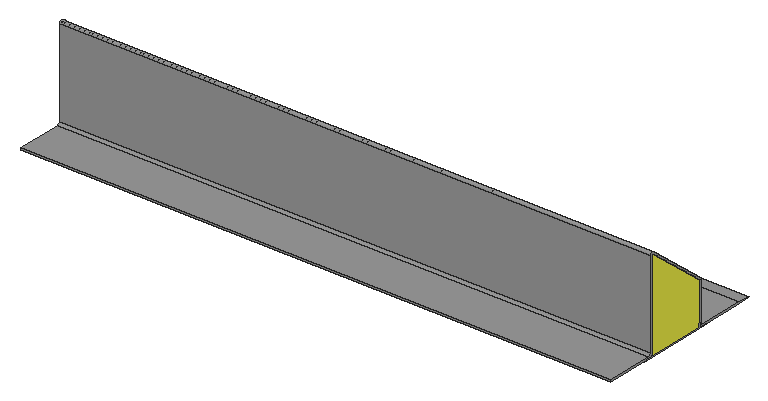
Revit family "XHD K 130 WOL", category Generic Models, Revit 2014
Parameters (values of type "Max lintel length 2100mm")
  URL = "http://www.keystonelintels.co.uk"
  Structural Opening [instance] = 900 mm
  Structural Performance = "The Keystone lintel range has safe working loads as detailed in each applicable loading table in the Keystone Lintel Guide brochure. The structural performance figures within each table have been ascertained by testing in accordance with the requirements of standards BS EN 5977-2: 1983 and BS EN 845-2: 2003."
  RIBA Productor Selector = "available for Keystone Lintels Ltd from Keystone Lintels Ltd from ribaproductselector.com"
  Model = "XHD/K 130 WOL"
  Min Length = 600 mm
  Min Clear Span = 300 mm
  Max Length = 2100 mm
  Max Clear Span = 2100 mm
  Material - Stainless Steel = "Grade 304 2b 1.4307 to BS EN 10088-2. Other grades available on request: contact manufacturer."
  Material - Galvanised Steel = "To BS EN 10346: 2009. DX51D plus Z600 or grade Z275 to BS 5977-2: 1983 (BS EN 845-2: 2003)."
  Manufacturer = "Keystone"
  Manufactured Length [instance] = (roundup(Effective Length / 150 mm) * 150 mm)  # 1200 mm
  Lintel height [instance] = 2100 mm
  Keynote = "F30/755"
  Fire Performance = "Keystone lintels have been subjected to a fire test (WARRES No. 101263) in accordance with BS 476-20: 1987, at Exova Warrington Fire and achieved a one hour fire performance."
  End Bearing = 150 mm
  Effective Length [instance] = Clear Opening with MIN MAX set + End Bearing * 2  # 1200 mm
  Corrosion = "Keystone’s standard range of lintels are manufactured from high quality grade pre-galvanized carbon steel with a zinc coating of 600"
  Contact Tel = "+44 (0)28 8676 2184"
  Contact Email = "info@keystonelintels.co.uk"
  Clear Opening with MIN MAX set [instance] = if(Structural Opening < Min Clear Span, Min Clear Span, (if(Structural Opening > Max Clear Span, Max Clear Span, Structural Opening)))  # 900 mm
  CPD Information = "Available for Keystone Lintels Ltd from ribacpd.com"
Reference planes
  plane 1 "Center (Front/Back)": y = 0
  plane 2: z = 0
  plane 3 "Center (Left/Right)": x = 0
  plane 4: x = -600
  plane 5: x = 600
  plane 6: z = 2100
  plane 7: x = -450
  plane 8: x = 450
Forms (mm)
  Extrusion 1, solid, material "Steel"
    sketch origin (0, 726.033, -515.599) x (0, 1, 0) y (0, 0, 1)
      loop
        line (-543.097, 2614.732) -> (-542.986, 2617.931) -> (-567.986, 2618.799) -> (-657.986, 2618.799)
        arc (-657.986, 2618.799) -> (-661.522, 2620.263) -> (-662.986, 2623.799) r 5
        line (-662.986, 2623.799) -> (-662.986, 2701.722)
        arc (-662.986, 2701.722) -> (-663.455, 2703.835) -> (-664.772, 2705.552) r 5
        line (-664.772, 2705.552) -> (-782.569, 2804.395)
        arc (-782.569, 2804.395) -> (-787.927, 2805.525) -> (-790.986, 2800.983) r 4.9
        line (-790.986, 2800.983) -> (-790.986, 2623.799)
        arc (-790.986, 2623.799) -> (-792.451, 2620.263) -> (-795.986, 2618.799) r 5
        line (-795.986, 2618.799) -> (-890.986, 2618.799) -> (-890.986, 2615.599) -> (-795.986, 2615.599)
        arc (-795.986, 2615.599) -> (-790.188, 2618) -> (-787.786, 2623.799) r 8.2
        line (-787.786, 2623.799) -> (-787.786, 2800.983)
        arc (-787.786, 2800.983) -> (-786.936, 2802.456) -> (-785.236, 2802.455) r 1.7
        line (-785.236, 2802.455) -> (-666.829, 2703.1)
        arc (-666.829, 2703.1) -> (-666.355, 2702.482) -> (-666.186, 2701.722) r 1.8
        line (-666.186, 2701.722) -> (-666.186, 2623.799)
        arc (-666.186, 2623.799) -> (-663.784, 2618.001) -> (-657.986, 2615.599) r 8.2
        line (-657.986, 2615.599) -> (-568.042, 2615.599) -> (-543.097, 2614.732)
    from -600 to 600
  Extrusion 2, solid, material "Steel"
    sketch origin (0, 726.033, -515.599) x (0, 1, 0) y (0, 0, 1)
      loop
        line (-804.457, 2614.599) -> (-649.426, 2614.599) -> (-649.426, 2615.599) -> (-663.957, 2615.599) -> (-666.426, 2615.599) -> (-666.426, 2623.599) -> (-667.426, 2623.599) -> (-667.426, 2615.599) -> (-804.457, 2615.599) -> (-804.457, 2614.599)
    from -600 to 600
  Extrusion 3, solid, material "Insulation"
    sketch origin (0, 726.033, -515.599) x (0, 1, 0) y (0, 0, 1)
      loop
        line (-663.957, 2615.599) -> (-657.986, 2615.599)
        arc (-657.986, 2615.599) -> (-663.784, 2618.001) -> (-666.186, 2623.799) r 8.2
        line (-666.186, 2623.799) -> (-666.186, 2701.722)
        arc (-666.186, 2701.722) -> (-666.355, 2702.482) -> (-666.829, 2703.1) r 1.8
        line (-666.829, 2703.1) -> (-785.236, 2802.455)
        arc (-785.236, 2802.455) -> (-786.936, 2802.456) -> (-787.786, 2800.983) r 1.7
        line (-787.786, 2800.983) -> (-787.786, 2623.799)
        arc (-787.786, 2623.799) -> (-790.188, 2618) -> (-795.986, 2615.599) r 8.2
        line (-795.986, 2615.599) -> (-667.426, 2615.599) -> (-667.426, 2623.599) -> (-666.426, 2623.599) -> (-666.426, 2615.599) -> (-663.957, 2615.599)
    from -600 to 600
  Extrusion 4, solid, not visible
    sketch origin (0, 963.321, 1229.497) x (0, 1, 0) y (0, 0, 1)
      loop
        line (-543.097, 1014.732) -> (-542.986, 1017.931) -> (-567.986, 1018.799) -> (-657.986, 1018.799)
        arc (-657.986, 1018.799) -> (-661.522, 1020.263) -> (-662.986, 1023.799) r 5
        line (-662.986, 1023.799) -> (-662.986, 1101.722)
        arc (-662.986, 1101.722) -> (-663.455, 1103.835) -> (-664.772, 1105.552) r 5
        line (-664.772, 1105.552) -> (-782.569, 1204.395)
        arc (-782.569, 1204.395) -> (-787.927, 1205.525) -> (-790.986, 1200.983) r 4.9
        line (-790.986, 1200.983) -> (-790.986, 1023.799)
        arc (-790.986, 1023.799) -> (-792.451, 1020.263) -> (-795.986, 1018.799) r 5
        line (-795.986, 1018.799) -> (-890.986, 1018.799) -> (-890.986, 1015.599) -> (-795.986, 1015.599)
        arc (-795.986, 1015.599) -> (-790.188, 1018) -> (-787.786, 1023.799) r 8.2
        line (-787.786, 1023.799) -> (-787.786, 1200.983)
        arc (-787.786, 1200.983) -> (-786.936, 1202.456) -> (-785.236, 1202.455) r 1.7
        line (-785.236, 1202.455) -> (-666.829, 1103.1)
        arc (-666.829, 1103.1) -> (-666.355, 1102.482) -> (-666.186, 1101.722) r 1.8
        line (-666.186, 1101.722) -> (-666.186, 1023.799)
        arc (-666.186, 1023.799) -> (-663.784, 1018.001) -> (-657.986, 1015.599) r 8.2
        line (-657.986, 1015.599) -> (-568.042, 1015.599) -> (-543.097, 1014.732)
    from 0 to 250
  Extrusion 5, solid, not visible
    sketch origin (0, 617.839, 1173.331) x (0, 1, 0) y (0, 0, 1)
      loop
        line (-663.957, 1015.599) -> (-657.986, 1015.599)
        arc (-657.986, 1015.599) -> (-663.784, 1018.001) -> (-666.186, 1023.799) r 8.2
        line (-666.186, 1023.799) -> (-666.186, 1101.722)
        arc (-666.186, 1101.722) -> (-666.355, 1102.482) -> (-666.829, 1103.1) r 1.8
        line (-666.829, 1103.1) -> (-785.236, 1202.455)
        arc (-785.236, 1202.455) -> (-786.936, 1202.456) -> (-787.786, 1200.983) r 1.7
        line (-787.786, 1200.983) -> (-787.786, 1023.799)
        arc (-787.786, 1023.799) -> (-790.188, 1018) -> (-795.986, 1015.599) r 8.2
        line (-795.986, 1015.599) -> (-667.426, 1015.599) -> (-667.426, 1023.599) -> (-666.426, 1023.599) -> (-666.426, 1015.599) -> (-663.957, 1015.599)
    from 0 to 250
  Extrusion 6, solid, not visible
    sketch origin (0, 938.512, 1006.234) x (0, 1, 0) y (0, 0, 1)
      loop
        line (-804.457, 1014.599) -> (-649.426, 1014.599) -> (-649.426, 1015.599) -> (-663.957, 1015.599) -> (-666.426, 1015.599) -> (-666.426, 1023.599) -> (-667.426, 1023.599) -> (-667.426, 1015.599) -> (-804.457, 1015.599) -> (-804.457, 1014.599)
    from 0 to 250
Dimensions and locks
  equal spacing: plane 4, plane 3 "Center (Left/Right)", plane 5
  "Manufactured Length": plane 4 to plane 5
  "Lintel height": plane 6 to level
  "Structural Opening": plane 7 to plane 8
  equal spacing: plane 7, plane 3 "Center (Left/Right)", plane 8
  aligned and locked: level to plane 2
  aligned and locked: Extrusion 1 to plane 6
  aligned and locked: Extrusion 3 to plane 6
  aligned and locked: plane 6 to Extrusion 2
  aligned and locked: plane 5 to Extrusion 1
  aligned and locked: Extrusion 1 to plane 4
  aligned and locked: plane 5 to Extrusion 3
  aligned and locked: Extrusion 3 to plane 4
  aligned and locked: plane 5 to Extrusion 2
  aligned and locked: Extrusion 2 to plane 4
Automatic sketch dimensions
  Extrusion 1 sketch curve to Extrusion 1 sketch curve = 24.944 mm
  Extrusion 1 sketch curve to Extrusion 1 sketch curve = 0.111 mm
  Extrusion 1 sketch curve to Extrusion 1 sketch curve = 0.866 mm
  Extrusion 1 sketch curve to Extrusion 1 sketch curve = 0.056 mm
  Extrusion 1 sketch curve to Extrusion 1 sketch curve = 89.944 mm
  Extrusion 1 sketch curve to Extrusion 1 sketch curve = 0 mm  (x15)
  Extrusion 1 sketch curve to Extrusion 1 sketch curve = 5 mm  (x2)
  Extrusion 1 sketch curve to Extrusion 1 sketch curve = 77.923 mm
  Extrusion 1 sketch curve to Extrusion 1 sketch curve = 1.8 mm
  Extrusion 1 sketch curve to Extrusion 1 sketch curve = 0.643 mm
  Extrusion 1 sketch curve to Extrusion 1 sketch curve = 118.407 mm
  Extrusion 1 sketch curve to Extrusion 1 sketch curve = 99.355 mm
  Extrusion 1 sketch curve to Extrusion 1 sketch curve = 2.057 mm
  Extrusion 1 sketch curve to Extrusion 1 sketch curve = 2.667 mm
  Extrusion 1 sketch curve to Extrusion 1 sketch curve = 1.939 mm
  Extrusion 1 sketch curve to Extrusion 1 sketch curve = 0.85 mm
  Extrusion 1 sketch curve to Extrusion 1 sketch curve = 1.472 mm
  Extrusion 1 sketch curve to Extrusion 1 sketch curve = 95 mm
  Extrusion 2 sketch curve to Extrusion 2 sketch curve = 1 mm  (x2)
  Extrusion 2 sketch curve to Extrusion 2 sketch curve = 2.469 mm
  Extrusion 2 sketch curve to Extrusion 2 sketch curve = 14.531 mm
  Extrusion 2 sketch curve to Extrusion 2 sketch curve = 0 mm
  Extrusion 2 sketch curve to Extrusion 2 sketch curve = 8 mm
  Extrusion 2 sketch curve to Extrusion 2 sketch curve = 137.031 mm
  Extrusion 3 sketch curve to Extrusion 3 sketch curve = 2.469 mm
  Extrusion 3 sketch curve to Extrusion 3 sketch curve = 5.971 mm  (x2)
  Extrusion 3 sketch curve to Extrusion 3 sketch curve = 8.2 mm  (x3)
  Extrusion 3 sketch curve to Extrusion 3 sketch curve = 0.2 mm
  Extrusion 3 sketch curve to Extrusion 3 sketch curve = 77.923 mm
  Extrusion 3 sketch curve to Extrusion 3 sketch curve = 1 mm
  Extrusion 3 sketch curve to Extrusion 3 sketch curve = 0 mm  (x2)
  Extrusion 3 sketch curve to Extrusion 3 sketch curve = 128.56 mm
  Extrusion 3 sketch curve to Extrusion 3 sketch curve = 99.262 mm
  Extrusion 3 sketch curve to Extrusion 3 sketch curve = 1.7 mm
  Extrusion 3 sketch curve to Extrusion 3 sketch curve = 0.85 mm
  Extrusion 3 sketch curve to Extrusion 3 sketch curve = 0.643 mm
  Extrusion 3 sketch curve to Extrusion 3 sketch curve = 1.379 mm
  Extrusion 3 sketch curve to Extrusion 3 sketch curve = 8 mm
  Extrusion 4 sketch curve to Extrusion 4 sketch curve = 24.944 mm
  Extrusion 4 sketch curve to Extrusion 4 sketch curve = 0.111 mm
  Extrusion 4 sketch curve to Extrusion 4 sketch curve = 0.866 mm
  Extrusion 4 sketch curve to Extrusion 4 sketch curve = 0.056 mm
  Extrusion 4 sketch curve to Extrusion 4 sketch curve = 89.944 mm
  Extrusion 4 sketch curve to Extrusion 4 sketch curve = 0 mm  (x15)
  Extrusion 4 sketch curve to Extrusion 4 sketch curve = 5 mm  (x2)
  Extrusion 4 sketch curve to Extrusion 4 sketch curve = 77.923 mm
  Extrusion 4 sketch curve to Extrusion 4 sketch curve = 1.8 mm
  Extrusion 4 sketch curve to Extrusion 4 sketch curve = 0.643 mm
  Extrusion 4 sketch curve to Extrusion 4 sketch curve = 118.407 mm
  Extrusion 4 sketch curve to Extrusion 4 sketch curve = 99.355 mm
  Extrusion 4 sketch curve to Extrusion 4 sketch curve = 2.057 mm
  Extrusion 4 sketch curve to Extrusion 4 sketch curve = 2.667 mm
  Extrusion 4 sketch curve to Extrusion 4 sketch curve = 1.939 mm
  Extrusion 4 sketch curve to Extrusion 4 sketch curve = 0.85 mm
  Extrusion 4 sketch curve to Extrusion 4 sketch curve = 1.472 mm
  Extrusion 4 sketch curve to Extrusion 4 sketch curve = 95 mm
  Extrusion 5 sketch curve to Extrusion 5 sketch curve = 2.469 mm
  Extrusion 5 sketch curve to Extrusion 5 sketch curve = 5.971 mm  (x2)
  Extrusion 5 sketch curve to Extrusion 5 sketch curve = 8.2 mm  (x3)
  Extrusion 5 sketch curve to Extrusion 5 sketch curve = 0.2 mm
  Extrusion 5 sketch curve to Extrusion 5 sketch curve = 77.923 mm
  Extrusion 5 sketch curve to Extrusion 5 sketch curve = 1 mm
  Extrusion 5 sketch curve to Extrusion 5 sketch curve = 0 mm  (x2)
  Extrusion 5 sketch curve to Extrusion 5 sketch curve = 128.56 mm
  Extrusion 5 sketch curve to Extrusion 5 sketch curve = 99.262 mm
  Extrusion 5 sketch curve to Extrusion 5 sketch curve = 1.7 mm
  Extrusion 5 sketch curve to Extrusion 5 sketch curve = 0.85 mm
  Extrusion 5 sketch curve to Extrusion 5 sketch curve = 0.643 mm
  Extrusion 5 sketch curve to Extrusion 5 sketch curve = 1.379 mm
  Extrusion 5 sketch curve to Extrusion 5 sketch curve = 8 mm
  Extrusion 6 sketch curve to Extrusion 6 sketch curve = 1 mm  (x2)
  Extrusion 6 sketch curve to Extrusion 6 sketch curve = 2.469 mm
  Extrusion 6 sketch curve to Extrusion 6 sketch curve = 14.531 mm
  Extrusion 6 sketch curve to Extrusion 6 sketch curve = 0 mm
  Extrusion 6 sketch curve to Extrusion 6 sketch curve = 8 mm
  Extrusion 6 sketch curve to Extrusion 6 sketch curve = 137.031 mm
  Extrusion 1 sketch curve to plane 6 = 0 mm
  plane 1 "Center (Front/Back)" to Extrusion 1 sketch curve = 164.954 mm
  Extrusion 2 sketch curve to plane 6 = 0 mm
  plane 1 "Center (Front/Back)" to Extrusion 2 sketch curve = 78.424 mm
  Extrusion 3 sketch curve to plane 6 = 0 mm
  plane 1 "Center (Front/Back)" to Extrusion 3 sketch curve = 69.954 mm
